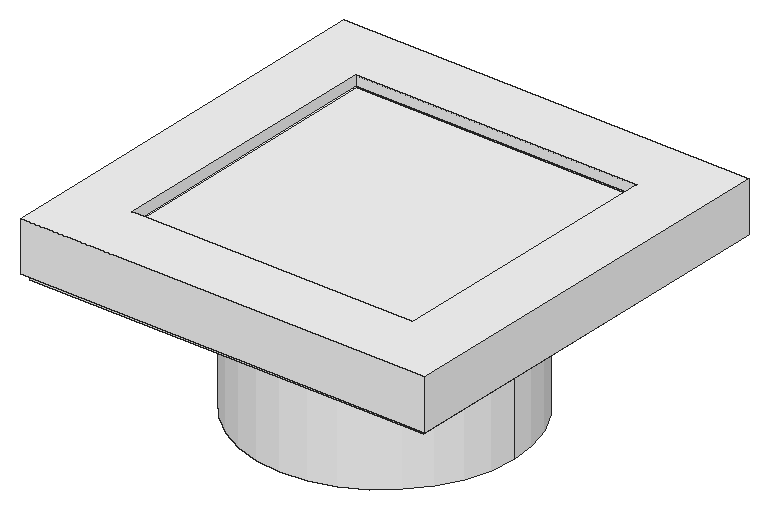
Revit family "Gira_284401", category Electrical Fixtures, host Face, Revit 2017
Family settings
  Host = Face
  Maintain Annotation Orientation = Yes
  Round Connector Dimension = Use Diameter
  Part Type = Normal
  Cut with Voids When Loaded = No
  Shared = No
  Room Calculation Point = No
Parameters (values of type "Wipptaster BS 3f Schließer System 55 Cremeweiß")
  Zusammenstellung = "Basiselement mit Adapterplatte"
  White [instance] = White
  Werkstoffgüte = "sonstige"
  Werkstoff = "sonstige"
  URL = "http://katalog.gira.de/de_DE/datenblatt.html?artikelnr=284401"
  Transparent = "No"
  Textfeld/Beschriftungsfläche = "No"
  Region = "DE"
  RAL-Nummer (ähnlich) = "1013 "
  Oberfläche = "sonstige"
  Name = "Wipptaster BS 3f Schließer System 55 Cremeweiß"
  Montageart = "unter Putz"
  Model = "Sys55_Komplettgerät_Schalten und Tasten"
  Mit Beleuchtung = "No"
  Manufacturer URL = "https://www.gira.de/"
  Kontakte = "sonstige"
  HeinzeBIM = "https://bimportal.heinze.de/bim/wipptaster-bs-3f-schliesser-system-55-cremeweiss/58e0d19592c313709af8ae32e2fd250811c23fc1"
  Halogenfrei = "Yes"
  HAN = "284401"
  Geeignet für Schutzart (IP) = "IP20"
  GTIN = "4010337082033"
  Farbe = "cremeweiß (elektroweiß)"
  Default Elevation = 1219.2 mm
  Data sheet (1) = "https://katalog.gira.de/de_DE/download.html?artikelnr=284401"
  Category = "Taster"
  Befestigungsart = "Krallen-/Schraubbefestigung"
  Bedienungsart = "Wippe"
  Available = "Yes"
  Ausführung = "Gruppentaster"
  Aufdruck = "ohne"
  Anzahl der Betätigungswippen = "3 "
Reference planes
  plane 1 "Center (Front/Back)": y = 0
  plane 2: z = 0
  plane 3 "Center (Left/Right)": x = 0
Forms (mm)
  Extrusion 1, solid, material "White" <- "White", detail levels medium
    sketch origin (0, 0, 0) x (1, 0, 0) y (0, 1, 0)
      loop
        line (-40.4, 40.4) -> (-40.4, -40.4) -> (40.4, -40.4) -> (40.4, 40.4) -> (-40.4, 40.4)
      loop
        line (-28, 28) -> (-28, -28) -> (28, -28) -> (28, 28) -> (-28, 28)
    from 0 to 10
  Extrusion 2, solid, material "White" <- "White", detail levels fine
    sketch origin (0, 0, 0) x (1, 0, 0) y (0, 1, 0)
      loop
        line (-40.4, 40.4) -> (-40.4, -40.4) -> (40.4, -40.4) -> (40.4, 40.4) -> (-40.4, 40.4)
      loop
        line (-28, 28) -> (-28, -28) -> (28, -28) -> (28, 28) -> (-28, 28)
    from 0 to 10
  Extrusion 3, void
    sketch origin (0, 0, 0) x (1, 0, 0) y (0, 1, 0)
      loop
        line (-38.4, 38.4) -> (-38.4, -38.4) -> (38.4, -38.4) -> (38.4, 38.4) -> (-38.4, 38.4)
    from 0 to 8
  Extrusion 4, solid, material "White" <- "White", detail levels medium+fine
    sketch origin (0, 0, 0) x (1, 0, 0) y (0, 1, 0)
      loop
        line (-39.4, 39.4) -> (-39.4, -39.4) -> (39.4, -39.4) -> (39.4, 39.4) -> (-39.4, 39.4)
    from 0 to -1
  Extrusion 5, solid, material "White" <- "White", detail levels medium+fine
    sketch origin (0, 0, 0) x (1, 0, 0) y (0, 1, 0)
      loop
        line (-35.5, 35.5) -> (-35.5, -35.5) -> (35.5, -35.5) -> (35.5, 35.5) -> (-35.5, 35.5)
    from -2 to -3
  Extrusion 6, solid, material "White" <- "White", detail levels medium+fine
    sketch origin (0, 0, 0) x (1, 0, 0) y (0, 1, 0)
      loop
        circle (0, 0) r 26
    from 0 to -27.5
  Extrusion 7, solid, material "White" <- "White", detail levels coarse
    sketch origin (0, 0, 0) x (1, 0, 0) y (0, 1, 0)
      loop
        line (-40.4, 40.4) -> (-40.4, -40.4) -> (40.4, -40.4) -> (40.4, 40.4) -> (-40.4, 40.4)
    from -27.5 to 10
Cuts and joins
  Extrusion 3 cuts Extrusion 2
Dimensions and locks
  aligned and locked: plane 2 to host face
  aligned and locked: level to host face
  aligned and locked: plane 3 "Center (Left/Right)" to nested 2
  aligned and locked: plane 1 "Center (Front/Back)" to nested 2
Nested families
  nested 1: "Sys55_Abdeckung_Schalten und Tasten_floor_base" at (0, 0, 0), type "Sys55_Abdeckung_Schalten und Tasten_floor_base"
  nested 2: "Schalter" at (0, 0, 0), type "Schalter"
Connectors
  electrical at (0, 0, -27.5)
    settings: on Extrusion 6, index 1, voltage 220 V, apparent load 0 VA, apparent load phase1 0 VA, apparent load phase2 0 VA, apparent load phase3 0 VA, power factor 1, load classification "Other", number of poles 1, system type 30, power factor state 1, is connector primary yes, connector utility no, sub classification motor no, connector description ""
Definition of nested family "Sys55_Abdeckung_Schalten und Tasten_floor_base"
  Parameters
    Default Elevation = 1219.2 mm
    White [instance] = none
  Reference planes
    plane 1 "Center (Front/Back)": y = 0
    plane 2: z = 0
    plane 3 "Center (Left/Right)": x = 0
  Forms (mm)
    Extrusion 1, solid
      sketch origin (0, 0, 0) x (1, 0, 0) y (0, 1, 0)
        loop
          line (-1219.2, 1219.2) -> (-1219.2, -1219.2) -> (1219.2, -1219.2) -> (1219.2, 1219.2) -> (-1219.2, 1219.2)
      from 0 to -304.8
    Extrusion 2, solid, material <- "White", detail levels fine
      sketch origin (0, 0, 0) x (1, 0, 0) y (0, 1, 0)
        loop
          line (-27.5, 27.5) -> (-27.5, -27.5) -> (27.5, -27.5) -> (27.5, 27.5) -> (-27.5, 27.5)
      from 0 to 8
    Extrusion 3, void
      sketch origin (0, 0, 0) x (1, 0, 0) y (0, 1, 0)
        loop
          line (26, 26) -> (-26, 26) -> (-26, -26) -> (26, -26) -> (26, 26)
      from 0 to 6
    Extrusion 4, solid, material <- "White", detail levels medium
      sketch origin (0, 0, 0) x (1, 0, 0) y (0, 1, 0)
        loop
          line (-27.5, 27.5) -> (-27.5, -27.5) -> (27.5, -27.5) -> (27.5, 27.5) -> (-27.5, 27.5)
      from 0 to 8
    Extrusion 5, solid, material <- "White", detail levels medium
      sketch origin (0, 0, 0) x (1, 0, 0) y (0, 1, 0)
        loop
          line (11, -17.5) -> (11, 17.5) -> (-11, 17.5) -> (-11, -17.5) -> (11, -17.5)
      from -6 to 6
    Extrusion 6, solid, material <- "White", detail levels fine
      sketch origin (0, 0, 0) x (1, 0, 0) y (0, 1, 0)
        loop
          line (11, 17.5) -> (-11, 17.5) -> (-11, 16.5) -> (11, 16.5) -> (11, 17.5)
        loop
          line (-11, -16.5) -> (-11, -17.5) -> (11, -17.5) -> (11, -16.5) -> (-11, -16.5)
      from -4 to 6
    Extrusion 7, solid, material <- "White", detail levels fine
      sketch origin (0, 0, 0) x (1, 0, 0) y (0, 1, 0)
        loop
          arc (5, 9.347) -> (0, 10.6) -> (-5, 9.347) r 10.6
          line (-5, 9.347) -> (-5, -9.347)
          arc (-5, -9.347) -> (0, -10.6) -> (5, -9.347) r 10.6
          line (5, -9.347) -> (5, 9.347)
      from -6 to 6
    Extrusion 8, solid, material <- "White", detail levels coarse
      sketch origin (0, 0, 0) x (1, 0, 0) y (0, 1, 0)
        loop
          line (-27.5, 27.5) -> (-27.5, -27.5) -> (27.5, -27.5) -> (27.5, 27.5) -> (-27.5, 27.5)
      from -6 to 8
  Cuts and joins
    Extrusion 3 cuts Extrusion 2
  Dimensions and locks
    aligned and locked: plane 2 to Extrusion 1
    aligned and locked: level to Extrusion 1
Definition of nested family "Schalter"
  Reference planes
    plane 1: y = 0
    plane 2: x = 0
  Lines and regions (mm)
    detail lines
      curve 1: circle (1.375, 2.778, 0) r 0.8 normal (0, 0, 1)
      curve 2: line (1.021, 2.061, 0) -> (0, 0, 0)
      curve 3: line (0, 0, 0) -> (-0.538, 0.266, 0)
  Dimensions and locks
    curve 2 to curve 2 = 2.3 mm
    curve 3 to curve 2 = 0.6 mm
    radius of curve 1 = 0.8 mm
